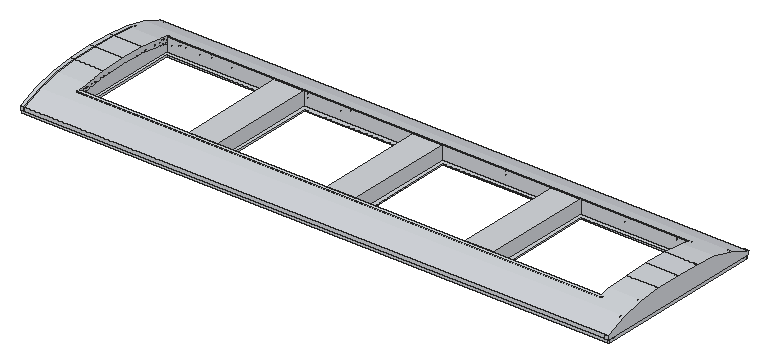
Revit family "Gira_0214768", category Electrical Fixtures, host Face, Revit 2017
Family settings
  Host = Face
  Maintain Annotation Orientation = No
  Round Connector Dimension = Use Diameter
  Part Type = Normal
  Cut with Voids When Loaded = No
  Shared = No
  Room Calculation Point = No
Parameters (values of type "Cov.fr. 4-g interm.fr. AN Gira Event Clear brown")
  With mounting grid = "No"
  With hinged lid = "No"
  URL = "http://katalog.gira.de/en/datenblatt.html?artikelnr=0214768"
  Type of fastening = "Clamp mounting"
  Transparent = "No"
  Surface protection = "Sand-cast"
  Surface finishing = "Glossy"
  Suitable for wall duct = "No"
  Suitable for flush-mounted installation = "No"
  Suitable for floor box = "No"
  Suitable for built-in installation = "No"
  Number of units vertical = "4"
  Number of units horizontal = "4"
  Number of units = "4"
  Name = "Cov.fr. 4-g interm.fr. AN Gira Event Clear brown"
  Mounting direction = "Horizontal and vertical"
  Material quality = "Thermoplastic"
  Material = "Plastic"
  Manufacturer URL = "https://www.gira.de/"
  Manufacturer = "Gira"
  Label space/information surface = "No"
  Keynote = ""
  HeinzeBIM = "https://bimportal.heinze.de/bim/cov-fr-4-g-interm-fr-an-gira-event-clear-brown/29a481163a80ab5fc9858e829c87dcd86427f2ed"
  Halogen free = "Yes"
  HAN = "0214768"
  GTIN = "4010337069478"
  Description = "Cov.fr.4g i.fr.AN EvCl BN,Gira Event Clear cover frame,brown with anthracite intermediate frame,4-gang,Features:,- Shatter-proof."
  Degree of protection (IP) = "IP20"
  Default Elevation = 1219.2 mm
  Data sheet (1) = "https://katalog.gira.de/en/download.html?artikelnr=0214768"
  Colour = "Brown"
  Category = "Cover frame for domestic switching devices"
  BIM (1) = "https://media.stage.bim.site/public/gira/36a6b08/Event_Rahmen_4fach.rfa"
  Available = "No"
Reference planes
  plane 1 "Center (Front/Back)": y = 0
  plane 2: z = 0
  plane 3 "Center (Left/Right)": x = 0
Forms (mm)
  Extrusion 1, solid, detail levels fine
    sketch origin (0, 0, 0.05) x (0, 1, 0) y (0, 0, 1)
      loop
        arc (12.445, 9.683) -> (6.223, 9.833) -> (0, 9.85) r 291.636
        arc (0, 9.85) -> (-6.223, 9.833) -> (-12.445, 9.683) r 291.636
        arc (-12.445, 9.683) -> (-29.14, 7.482) -> (-45, 1.823) r 79.728
        line (-45, 1.823) -> (-45, -0.05) -> (-42.086, -0.05)
        arc (-42.086, -0.05) -> (-21.385, 5.559) -> (0, 7.206) r 114.424
        arc (0, 7.206) -> (21.385, 5.559) -> (42.086, -0.05) r 114.424
        line (42.086, -0.05) -> (45, -0.05) -> (45, 1.823)
        arc (45, 1.823) -> (29.14, 7.482) -> (12.445, 9.683) r 79.728
    from -151.95 to 151.935
  Extrusion 2, void, detail levels fine
    sketch origin (0, 0, 0) x (1, 0, 0) y (0, 1, 0)
      loop
        line (134.95, 28.035) -> (-134.95, 28.035) -> (-134.95, -28.035) -> (134.95, -28.035) -> (134.95, 28.035)
    from 0.724 to 11
  Extrusion 3, solid, detail levels coarse
    sketch origin (0, 0, 0) x (1, 0, 0) y (0, 1, 0)
      loop
        line (-151.95, 45) -> (-151.95, -45) -> (151.935, -45) -> (151.935, 45) -> (-151.95, 45)
    from -1.5 to 9.9
  Extrusion 4, solid, detail levels medium
    sketch origin (0, 0, 0.05) x (0, 1, 0) y (0, 0, 1)
      loop
        arc (12.445, 9.683) -> (6.223, 9.833) -> (0, 9.85) r 291.636
        arc (0, 9.85) -> (-6.223, 9.833) -> (-12.445, 9.683) r 291.636
        arc (-12.445, 9.683) -> (-29.14, 7.482) -> (-45, 1.823) r 79.728
        line (-45, 1.823) -> (-45, -0.05) -> (45, -0.05) -> (45, 1.823)
        arc (45, 1.823) -> (29.14, 7.482) -> (12.445, 9.683) r 79.728
    from -151.95 to 151.935
  Extrusion 5, solid, detail levels fine
    sketch origin (-106.95, 0, -1.5) x (0, 1, 0) y (0, 0, -1)
      loop
        line (45, -3.373) -> (45, -1.5) -> (-45, -1.5) -> (-45, -3.373)
        arc (-45, -3.373) -> (-29.14, -9.032) -> (-12.445, -11.233) r 79.728
        arc (-12.445, -11.233) -> (-6.223, -11.383) -> (0, -11.4) r 291.636
        arc (0, -11.4) -> (6.223, -11.383) -> (12.445, -11.233) r 291.636
        arc (12.445, -11.233) -> (29.14, -9.032) -> (45, -3.373) r 79.728
    from 43 to 45
  Extrusion 6, solid, detail levels fine
    sketch origin (0, 0, 0) x (1, 0, 0) y (0, 1, 0)
      loop
        line (-132.85, 25.7) -> (-132.85, -25.7) -> (-81.05, -25.7) -> (-81.05, 25.7) -> (-132.85, 25.7)
      loop
        line (-9.755, -25.7) -> (-9.755, 25.7) -> (-61.555, 25.7) -> (-61.555, -25.7) -> (-9.755, -25.7)
      loop
        line (-135.845, 28.49) -> (-135.845, -28.495)
        spline (-135.845, -28.495) -> (-135.836, -28.625) -> (-135.811, -28.754) -> (-135.769, -28.878) -> (-135.711, -28.995) -> (-135.638, -29.104) -> (-135.552, -29.202) -> (-135.454, -29.288) -> (-135.345, -29.361) -> (-135.228, -29.419) -> (-135.104, -29.461) -> (-134.975, -29.486) -> (-134.845, -29.495)
        line (-134.845, -29.495) -> (134.845, -29.495)
        spline (134.845, -29.495) -> (134.975, -29.486) -> (135.104, -29.461) -> (135.228, -29.419) -> (135.345, -29.361) -> (135.454, -29.288) -> (135.552, -29.202) -> (135.638, -29.104) -> (135.711, -28.995) -> (135.769, -28.878) -> (135.811, -28.754) -> (135.836, -28.625) -> (135.845, -28.495)
        line (135.845, -28.495) -> (135.845, 28.49)
        spline (135.845, 28.49) -> (135.836, 28.62) -> (135.811, 28.748) -> (135.769, 28.872) -> (135.711, 28.99) -> (135.638, 29.098) -> (135.552, 29.197) -> (135.454, 29.283) -> (135.345, 29.356) -> (135.228, 29.413) -> (135.104, 29.456) -> (134.975, 29.481) -> (134.845, 29.49)
        line (134.845, 29.49) -> (-134.845, 29.49)
        spline (-134.845, 29.49) -> (-134.975, 29.481) -> (-135.104, 29.456) -> (-135.228, 29.413) -> (-135.345, 29.356) -> (-135.454, 29.283) -> (-135.552, 29.197) -> (-135.638, 29.098) -> (-135.711, 28.99) -> (-135.769, 28.872) -> (-135.811, 28.748) -> (-135.836, 28.62) -> (-135.845, 28.49)
      loop
        line (61.545, -25.7) -> (61.545, 25.7) -> (9.745, 25.7) -> (9.745, -25.7) -> (61.545, -25.7)
      loop
        line (132.85, -25.7) -> (132.85, 25.7) -> (81.05, 25.7) -> (81.05, -25.7) -> (132.85, -25.7)
    from 0.1 to 7.3
  Extrusion 7, solid
    sketch origin (0, 0, 0) x (1, 0, 0) y (0, 1, 0)
      loop
        arc (-151.65, -44.218) -> (-151.504, -44.572) -> (-151.15, -44.718) r 0.5
        line (-151.15, -44.718) -> (151.15, -44.718)
        arc (151.15, -44.718) -> (151.504, -44.572) -> (151.65, -44.218) r 0.5
        line (151.65, -44.218) -> (151.65, 44.182)
        arc (151.65, 44.182) -> (151.504, 44.535) -> (151.15, 44.682) r 0.5
        line (151.15, 44.682) -> (-151.15, 44.682)
        arc (-151.15, 44.682) -> (-151.504, 44.535) -> (-151.65, 44.182) r 0.5
        line (-151.65, 44.182) -> (-151.65, -44.218)
      loop
        line (-149.95, 42.982) -> (-149.95, -43.018) -> (149.95, -43.018) -> (149.95, 42.982) -> (-149.95, 42.982)
    from -1.5 to 0.5
  Extrusion 8, solid, detail levels fine
    sketch origin (106.935, 0, -1.5) x (0, 1, 0) y (0, 0, 1)
      loop
        arc (45, 3.373) -> (29.14, 9.032) -> (12.445, 11.233) r 79.728
        arc (12.445, 11.233) -> (6.223, 11.383) -> (0, 11.4) r 291.636
        arc (0, 11.4) -> (-6.223, 11.383) -> (-12.445, 11.233) r 291.636
        arc (-12.445, 11.233) -> (-29.14, 9.032) -> (-45, 3.373) r 79.728
        line (-45, 3.373) -> (-45, 1.5) -> (45, 1.5) -> (45, 3.373)
    from 43 to 45
  Extrusion 9, solid, detail levels medium
    sketch origin (0, 0, 0) x (1, 0, 0) y (0, 1, 0)
      loop
        line (-151.65, -44.718) -> (151.65, -44.718) -> (151.65, 44.682) -> (-151.65, 44.682) -> (-151.65, -44.718)
    from -1.5 to 0.5
  Extrusion 10, solid, detail levels fine
    sketch origin (-69.857, 0, 0) x (1, 0, 0) y (0, 1, 0)
      loop
        line (-8.943, 28.063) -> (-8.943, -27.937) -> (6.057, -27.937) -> (6.057, 28.063) -> (-8.943, 28.063)
    from 0.724 to 7.566
  Extrusion 11, solid, detail levels fine
    sketch origin (-1.443, 0, 0) x (-1, 0, 0) y (0, -1, 0)
      loop
        line (-8.943, -28.063) -> (6.057, -28.063) -> (6.057, 27.937) -> (-8.943, 27.937) -> (-8.943, -28.063)
    from 0.724 to 7.566
  Extrusion 12, solid, detail levels fine
    sketch origin (69.857, 0, 0) x (-1, 0, 0) y (0, -1, 0)
      loop
        line (-8.943, -28.063) -> (6.057, -28.063) -> (6.057, 27.937) -> (-8.943, 27.937) -> (-8.943, -28.063)
    from 0.724 to 7.566
Cuts and joins
  Extrusion 2 cuts Extrusion 1
  Extrusion 2 cuts Extrusion 6
Dimensions and locks
  aligned and locked: plane 2 to host face
  aligned and locked: level to host face
